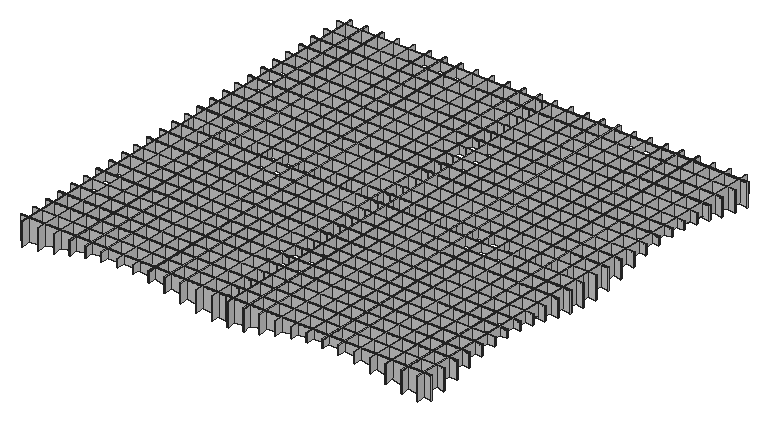
Revit family "CLD-WFL-002_RFA", category Modelos genéricos, Revit 2022 (continued)
Forms (in)
  Extrusion 336, solid
    sketch origin (112.26411, 108, 0) x (0, -1, 0) y (0, 0, 1)
      loop
        spline (78.69078, 5.03049) -> (79.42214, 4.88265) -> (80.15338, 4.73345) -> (80.88454, 4.58309) -> (81.6157, 4.43177) -> (82.3469, 4.27969) -> (83.07823, 4.12703) -> (83.80973, 3.97401) -> (84.54148, 3.82083) -> (85.27354, 3.66767) -> (86.00597, 3.51473) -> (86.73884, 3.36223) -> (87.47222, 3.21035)
        spline (87.47222, 3.21035) -> (88.12098, 3.07725) -> (88.77034, 2.94516) -> (89.42035, 2.81427) -> (90.07106, 2.68474) -> (90.72253, 2.55674) -> (91.37482, 2.43044) -> (92.02798, 2.30602) -> (92.68208, 2.18365) -> (93.33715, 2.0635) -> (93.99327, 1.94575) -> (94.65048, 1.83055) -> (95.30878, 1.71798)
        spline (95.30878, 1.71798) -> (96.03651, 1.59857) -> (96.76522, 1.48186) -> (97.49484, 1.36779) -> (98.2253, 1.25631) -> (98.95653, 1.14734) -> (99.68844, 1.04084) -> (100.42096, 0.93675) -> (101.15403, 0.83501) -> (101.88757, 0.73557) -> (102.62149, 0.63835) -> (103.35573, 0.54331) -> (104.09022, 0.45039)
        spline (104.09022, 0.45039) -> (104.41609, 0.41056) -> (104.74197, 0.37118) -> (105.06787, 0.33222) -> (105.39376, 0.29369) -> (105.71965, 0.25557) -> (106.04553, 0.21788) -> (106.37138, 0.18058) -> (106.6972, 0.14369) -> (107.02298, 0.10719) -> (107.34871, 0.07108) -> (107.67439, 0.03535) -> (108, 0)
        line (108, 0) -> (108, 11.82144)
    from -0.11811 to 0.35433
  Extrusion 337, solid
    sketch origin (120.10067, 108, 0) x (0, -1, 0) y (0, 0, 1)
      loop
        line (108, 11.82144) -> (0, 11.82144) -> (0, 0.88375)
        spline (0, 0.88375) -> (0.32561, 0.94348) -> (0.65129, 1.00296) -> (0.97702, 1.06219) -> (1.3028, 1.12116) -> (1.62862, 1.1799) -> (1.95447, 1.23838) -> (2.28035, 1.29662) -> (2.60624, 1.35462) -> (2.93213, 1.41237) -> (3.25803, 1.46988) -> (3.58391, 1.52715) -> (3.90978, 1.58418)
        spline (3.90978, 1.58418) -> (4.64426, 1.71122) -> (5.37851, 1.8372) -> (6.11243, 1.96212) -> (6.84596, 2.086) -> (7.57903, 2.20885) -> (8.31155, 2.33067) -> (9.04347, 2.45149) -> (9.77469, 2.57131) -> (10.50515, 2.69014) -> (11.23478, 2.80798) -> (11.96349, 2.92486) -> (12.69122, 3.04079)
        spline (12.69122, 3.04079) -> (13.34952, 3.14441) -> (14.00673, 3.24717) -> (14.66285, 3.34906) -> (15.31792, 3.45005) -> (15.97202, 3.55011) -> (16.62518, 3.64921) -> (17.27747, 3.74732) -> (17.92894, 3.8444) -> (18.57965, 3.94043) -> (19.22966, 4.03537) -> (19.87902, 4.12919) -> (20.52778, 4.22187)
        spline (20.52778, 4.22187) -> (21.26116, 4.32437) -> (21.99403, 4.42546) -> (22.72646, 4.52511) -> (23.45852, 4.62328) -> (24.19027, 4.71993) -> (24.92177, 4.81503) -> (25.6531, 4.90854) -> (26.3843, 5.00042) -> (27.11545, 5.09065) -> (27.84662, 5.17918) -> (28.57786, 5.26598) -> (29.30922, 5.35101)
        spline (29.30922, 5.35101) -> (29.95995, 5.42391) -> (30.61094, 5.49516) -> (31.26223, 5.56472) -> (31.91387, 5.63257) -> (32.56591, 5.69867) -> (33.21841, 5.763) -> (33.87141, 5.82551) -> (34.52497, 5.88618) -> (35.17914, 5.94498) -> (35.83396, 6.00187) -> (36.48949, 6.05683) -> (37.14578, 6.10982)
        spline (37.14578, 6.10982) -> (37.87194, 6.16453) -> (38.59907, 6.21702) -> (39.32723, 6.26723) -> (40.05647, 6.31514) -> (40.78684, 6.36072) -> (41.51831, 6.40397) -> (42.25083, 6.44489) -> (42.98434, 6.4835) -> (43.71879, 6.51981) -> (44.45413, 6.55383) -> (45.19029, 6.58557) -> (45.92722, 6.61503)
        spline (45.92722, 6.61503) -> (46.57816, 6.6376) -> (47.22964, 6.65822) -> (47.88162, 6.67689) -> (48.53404, 6.69363) -> (49.18687, 6.70845) -> (49.84004, 6.72134) -> (50.49352, 6.73234) -> (51.14725, 6.74143) -> (51.80119, 6.74863) -> (52.45529, 6.75396) -> (53.1095, 6.75742) -> (53.76378, 6.75901)
        spline (53.76378, 6.75901) -> (54.49695, 6.7572) -> (55.23004, 6.75331) -> (55.96301, 6.74732) -> (56.6958, 6.73922) -> (57.42835, 6.72901) -> (58.16062, 6.71667) -> (58.89255, 6.7022) -> (59.62408, 6.68557) -> (60.35517, 6.66679) -> (61.08576, 6.64585) -> (61.81579, 6.62272) -> (62.54522, 6.59741)
        spline (62.54522, 6.59741) -> (63.20286, 6.57112) -> (63.85981, 6.54281) -> (64.51602, 6.51247) -> (65.17144, 6.48008) -> (65.82603, 6.44563) -> (66.47973, 6.40912) -> (67.1325, 6.37054) -> (67.78428, 6.32988) -> (68.43505, 6.28713) -> (69.08486, 6.24233) -> (69.73376, 6.19551) -> (70.38178, 6.14669)
        spline (70.38178, 6.14669) -> (71.1172, 6.08737) -> (71.85177, 6.02584) -> (72.58554, 5.96214) -> (73.31858, 5.89631) -> (74.05094, 5.82838) -> (74.78268, 5.75838) -> (75.51386, 5.68636) -> (76.24452, 5.61234) -> (76.97473, 5.53637) -> (77.70455, 5.45847) -> (78.43403, 5.37869) -> (79.16322, 5.29705)
        spline (79.16322, 5.29705) -> (79.81589, 5.22111) -> (80.46845, 5.14359) -> (81.12094, 5.06452) -> (81.77342, 4.98394) -> (82.42595, 4.90188) -> (83.07858, 4.81837) -> (83.73137, 4.73344) -> (84.38439, 4.64713) -> (85.03768, 4.55947) -> (85.6913, 4.47048) -> (86.34531, 4.3802) -> (86.99978, 4.28866)
        spline (86.99978, 4.28866) -> (87.72677, 4.18488) -> (88.45442, 4.07981) -> (89.1828, 3.97349) -> (89.91197, 3.86595) -> (90.64199, 3.75723) -> (91.37293, 3.64737) -> (92.10485, 3.53639) -> (92.8378, 3.42433) -> (93.57186, 3.31123) -> (94.30709, 3.19712) -> (95.04354, 3.08203) -> (95.78122, 2.96599)
        spline (95.78122, 2.96599) -> (96.4698, 2.85601) -> (97.15931, 2.74512) -> (97.84968, 2.63332) -> (98.54085, 2.52058) -> (99.23273, 2.40692) -> (99.92527, 2.2923) -> (100.61838, 2.17673) -> (101.31201, 2.06019) -> (102.00608, 1.94268) -> (102.70052, 1.82418) -> (103.39525, 1.70469) -> (104.09022, 1.58418)
        spline (104.09022, 1.58418) -> (104.41609, 1.52715) -> (104.74197, 1.46988) -> (105.06787, 1.41237) -> (105.39376, 1.35462) -> (105.71965, 1.29662) -> (106.04553, 1.23838) -> (106.37138, 1.1799) -> (106.6972, 1.12116) -> (107.02298, 1.06219) -> (107.34871, 1.00296) -> (107.67439, 0.94348) -> (108, 0.88375)
        line (108, 0.88375) -> (108, 11.82144)
    from -0.11811 to 0
  Extrusion 338, solid
    sketch origin (120.57311, 108, 0) x (0, -1, 0) y (0, 0, 1)
      loop
        line (108, 11.82144) -> (0, 11.82144) -> (0, 0.88375)
        spline (0, 0.88375) -> (0.32561, 0.94348) -> (0.65129, 1.00296) -> (0.97702, 1.06219) -> (1.3028, 1.12116) -> (1.62862, 1.1799) -> (1.95447, 1.23838) -> (2.28035, 1.29662) -> (2.60624, 1.35462) -> (2.93213, 1.41237) -> (3.25803, 1.46988) -> (3.58391, 1.52715) -> (3.90978, 1.58418)
        spline (3.90978, 1.58418) -> (4.64426, 1.71122) -> (5.37851, 1.8372) -> (6.11243, 1.96212) -> (6.84596, 2.086) -> (7.57903, 2.20885) -> (8.31155, 2.33067) -> (9.04347, 2.45149) -> (9.77469, 2.57131) -> (10.50515, 2.69014) -> (11.23478, 2.80798) -> (11.96349, 2.92486) -> (12.69122, 3.04079)
        spline (12.69122, 3.04079) -> (13.34952, 3.14441) -> (14.00673, 3.24717) -> (14.66285, 3.34906) -> (15.31792, 3.45005) -> (15.97202, 3.55011) -> (16.62518, 3.64921) -> (17.27747, 3.74732) -> (17.92894, 3.8444) -> (18.57965, 3.94043) -> (19.22966, 4.03537) -> (19.87902, 4.12919) -> (20.52778, 4.22187)
        spline (20.52778, 4.22187) -> (21.26116, 4.32437) -> (21.99403, 4.42546) -> (22.72646, 4.52511) -> (23.45852, 4.62328) -> (24.19027, 4.71993) -> (24.92177, 4.81503) -> (25.6531, 4.90854) -> (26.3843, 5.00042) -> (27.11545, 5.09065) -> (27.84662, 5.17918) -> (28.57786, 5.26598) -> (29.30922, 5.35101)
        spline (29.30922, 5.35101) -> (29.95995, 5.42391) -> (30.61094, 5.49516) -> (31.26223, 5.56472) -> (31.91387, 5.63257) -> (32.56591, 5.69867) -> (33.21841, 5.763) -> (33.87141, 5.82551) -> (34.52497, 5.88618) -> (35.17914, 5.94498) -> (35.83396, 6.00187) -> (36.48949, 6.05683) -> (37.14578, 6.10982)
        spline (37.14578, 6.10982) -> (37.87194, 6.16453) -> (38.59907, 6.21702) -> (39.32723, 6.26723) -> (40.05647, 6.31514) -> (40.78684, 6.36072) -> (41.51831, 6.40397) -> (42.25083, 6.44489) -> (42.98434, 6.4835) -> (43.71879, 6.51981) -> (44.45413, 6.55383) -> (45.19029, 6.58557) -> (45.92722, 6.61503)
        spline (45.92722, 6.61503) -> (46.57816, 6.6376) -> (47.22964, 6.65822) -> (47.88162, 6.67689) -> (48.53404, 6.69363) -> (49.18687, 6.70845) -> (49.84004, 6.72134) -> (50.49352, 6.73234) -> (51.14725, 6.74143) -> (51.80119, 6.74863) -> (52.45529, 6.75396) -> (53.1095, 6.75742) -> (53.76378, 6.75901)
        spline (53.76378, 6.75901) -> (54.49695, 6.7572) -> (55.23004, 6.75331) -> (55.96301, 6.74732) -> (56.6958, 6.73922) -> (57.42835, 6.72901) -> (58.16062, 6.71667) -> (58.89255, 6.7022) -> (59.62408, 6.68557) -> (60.35517, 6.66679) -> (61.08576, 6.64585) -> (61.81579, 6.62272) -> (62.54522, 6.59741)
        spline (62.54522, 6.59741) -> (63.20286, 6.57112) -> (63.85981, 6.54281) -> (64.51602, 6.51247) -> (65.17144, 6.48008) -> (65.82603, 6.44563) -> (66.47973, 6.40912) -> (67.1325, 6.37054) -> (67.78428, 6.32988) -> (68.43505, 6.28713) -> (69.08486, 6.24233) -> (69.73376, 6.19551) -> (70.38178, 6.14669)
        spline (70.38178, 6.14669) -> (71.1172, 6.08737) -> (71.85177, 6.02584) -> (72.58554, 5.96214) -> (73.31858, 5.89631) -> (74.05094, 5.82838) -> (74.78268, 5.75838) -> (75.51386, 5.68636) -> (76.24452, 5.61234) -> (76.97473, 5.53637) -> (77.70455, 5.45847) -> (78.43403, 5.37869) -> (79.16322, 5.29705)
        spline (79.16322, 5.29705) -> (79.81589, 5.22111) -> (80.46845, 5.14359) -> (81.12094, 5.06452) -> (81.77342, 4.98394) -> (82.42595, 4.90188) -> (83.07858, 4.81837) -> (83.73137, 4.73344) -> (84.38439, 4.64713) -> (85.03768, 4.55947) -> (85.6913, 4.47048) -> (86.34531, 4.3802) -> (86.99978, 4.28866)
        spline (86.99978, 4.28866) -> (87.72677, 4.18488) -> (88.45442, 4.07981) -> (89.1828, 3.97349) -> (89.91197, 3.86595) -> (90.64199, 3.75723) -> (91.37293, 3.64737) -> (92.10485, 3.53639) -> (92.8378, 3.42433) -> (93.57186, 3.31123) -> (94.30709, 3.19712) -> (95.04354, 3.08203) -> (95.78122, 2.96599)
        spline (95.78122, 2.96599) -> (96.4698, 2.85601) -> (97.15931, 2.74512) -> (97.84968, 2.63332) -> (98.54085, 2.52058) -> (99.23273, 2.40692) -> (99.92527, 2.2923) -> (100.61838, 2.17673) -> (101.31201, 2.06019) -> (102.00608, 1.94268) -> (102.70052, 1.82418) -> (103.39525, 1.70469) -> (104.09022, 1.58418)
        spline (104.09022, 1.58418) -> (104.41609, 1.52715) -> (104.74197, 1.46988) -> (105.06787, 1.41237) -> (105.39376, 1.35462) -> (105.71965, 1.29662) -> (106.04553, 1.23838) -> (106.37138, 1.1799) -> (106.6972, 1.12116) -> (107.02298, 1.06219) -> (107.34871, 1.00296) -> (107.67439, 0.94348) -> (108, 0.88375)
        line (108, 0.88375) -> (108, 11.82144)
    from -0.11811 to 0.35433
  Extrusion 339, solid
    sketch origin (128.40967, 108, 0) x (0, -1, 0) y (0, 0, 1)
      loop
        line (108, 11.82144) -> (0, 11.82144) -> (0, 2.55729)
        spline (0, 2.55729) -> (0.32561, 2.61504) -> (0.65129, 2.67215) -> (0.97702, 2.72862) -> (1.3028, 2.78445) -> (1.62862, 2.83963) -> (1.95447, 2.89415) -> (2.28035, 2.94802) -> (2.60624, 3.00123) -> (2.93213, 3.05379) -> (3.25803, 3.10567) -> (3.58391, 3.15689) -> (3.90978, 3.20744)
        spline (3.90978, 3.20744) -> (4.64427, 3.31686) -> (5.37851, 3.42317) -> (6.11243, 3.52634) -> (6.84596, 3.62635) -> (7.57903, 3.72316) -> (8.31156, 3.81675) -> (9.04347, 3.90709) -> (9.77469, 3.99415) -> (10.50515, 4.07789) -> (11.23478, 4.1583) -> (11.96349, 4.23534) -> (12.69122, 4.30898)
        spline (12.69122, 4.30898) -> (13.34952, 4.37039) -> (14.00673, 4.4286) -> (14.66285, 4.48364) -> (15.31792, 4.53559) -> (15.97202, 4.58455) -> (16.62518, 4.63059) -> (17.27747, 4.67381) -> (17.92894, 4.71429) -> (18.57965, 4.75212) -> (19.22966, 4.78738) -> (19.87902, 4.82016) -> (20.52778, 4.85054)
        spline (20.52778, 4.85054) -> (21.26115, 4.88062) -> (21.99402, 4.90823) -> (22.72646, 4.93347) -> (23.45851, 4.95644) -> (24.19026, 4.97724) -> (24.92176, 4.99598) -> (25.65309, 5.01275) -> (26.38429, 5.02764) -> (27.11545, 5.04077) -> (27.84661, 5.05223) -> (28.57785, 5.06211) -> (29.30922, 5.07053)
        spline (29.30922, 5.07053) -> (29.95995, 5.07584) -> (30.61094, 5.08009) -> (31.26223, 5.08336) -> (31.91387, 5.08574) -> (32.56591, 5.08733) -> (33.21841, 5.0882) -> (33.87141, 5.08846) -> (34.52497, 5.08817) -> (35.17914, 5.08744) -> (35.83396, 5.08636) -> (36.48949, 5.085) -> (37.14578, 5.08346)
        spline (37.14578, 5.08346) -> (37.87194, 5.08165) -> (38.59907, 5.0799) -> (39.32723, 5.0783) -> (40.05647, 5.07696) -> (40.78684, 5.07594) -> (41.51831, 5.07527) -> (42.25083, 5.07491) -> (42.98434, 5.07483) -> (43.7188, 5.075) -> (44.45413, 5.07538) -> (45.19029, 5.07596) -> (45.92722, 5.0767)
        spline (45.92722, 5.0767) -> (46.57816, 5.07753) -> (47.22964, 5.07843) -> (47.88162, 5.07937) -> (48.53404, 5.08033) -> (49.18687, 5.08128) -> (49.84004, 5.0822) -> (50.49352, 5.08306) -> (51.14725, 5.08383) -> (51.80119, 5.0845) -> (52.45529, 5.08503) -> (53.1095, 5.0854) -> (53.76378, 5.08558)
        spline (53.76378, 5.08558) -> (54.49695, 5.08542) -> (55.23004, 5.08505) -> (55.96301, 5.0845) -> (56.6958, 5.0838) -> (57.42835, 5.08298) -> (58.16062, 5.08206) -> (58.89255, 5.08107) -> (59.62408, 5.08005) -> (60.35517, 5.07902) -> (61.08576, 5.07801) -> (61.81579, 5.07705) -> (62.54522, 5.07616)
        spline (62.54522, 5.07616) -> (63.20286, 5.07551) -> (63.85981, 5.075) -> (64.51602, 5.07466) -> (65.17144, 5.07452) -> (65.82603, 5.0746) -> (66.47973, 5.07493) -> (67.1325, 5.07554) -> (67.78428, 5.07645) -> (68.43505, 5.07766) -> (69.08486, 5.07909) -> (69.73376, 5.08066) -> (70.38178, 5.08229)
        spline (70.38178, 5.08229) -> (71.1172, 5.08386) -> (71.85177, 5.08523) -> (72.58555, 5.08629) -> (73.31859, 5.08695) -> (74.05095, 5.08712) -> (74.78269, 5.08668) -> (75.51386, 5.08555) -> (76.24453, 5.08362) -> (76.97474, 5.08079) -> (77.70455, 5.07697) -> (78.43403, 5.07206) -> (79.16322, 5.06596)
        spline (79.16322, 5.06596) -> (79.81589, 5.05858) -> (80.46845, 5.04989) -> (81.12094, 5.0398) -> (81.77342, 5.02821) -> (82.42595, 5.01505) -> (83.07858, 5.00022) -> (83.73137, 4.98363) -> (84.38439, 4.9652) -> (85.03768, 4.94483) -> (85.6913, 4.92244) -> (86.34531, 4.89793) -> (86.99978, 4.87123)
        spline (86.99978, 4.87123) -> (87.72677, 4.83707) -> (88.45442, 4.80022) -> (89.18281, 4.7606) -> (89.91198, 4.7181) -> (90.642, 4.67263) -> (91.37294, 4.62408) -> (92.10486, 4.57237) -> (92.83781, 4.5174) -> (93.57187, 4.45907) -> (94.3071, 4.39728) -> (95.04355, 4.33194) -> (95.78122, 4.26301)
        spline (95.78122, 4.26301) -> (96.43065, 4.19725) -> (97.08095, 4.12847) -> (97.73207, 4.05667) -> (98.38393, 3.9819) -> (99.03648, 3.90417) -> (99.68963, 3.82352) -> (100.34334, 3.73996) -> (100.99753, 3.65352) -> (101.65213, 3.56424) -> (102.30709, 3.47213) -> (102.96233, 3.37722) -> (103.61778, 3.27954)
        spline (103.61778, 3.27954) -> (103.98302, 3.22342) -> (104.34828, 3.16655) -> (104.71355, 3.10893) -> (105.07882, 3.05057) -> (105.44409, 2.99146) -> (105.80934, 2.93162) -> (106.17456, 2.87105) -> (106.53976, 2.80974) -> (106.9049, 2.74771) -> (107.27, 2.68496) -> (107.63504, 2.62148) -> (108, 2.55729)
        line (108, 2.55729) -> (108, 11.82144)
    from -0.11811 to 0
  Extrusion 340, solid
    sketch origin (128.52778, 108, 0) x (0, -1, 0) y (0, 0, 1)
      loop
        line (108, 11.82144) -> (0, 11.82144) -> (0, 2.55729)
        spline (0, 2.55729) -> (0.32561, 2.61504) -> (0.65129, 2.67215) -> (0.97702, 2.72862) -> (1.3028, 2.78445) -> (1.62862, 2.83963) -> (1.95447, 2.89415) -> (2.28035, 2.94802) -> (2.60624, 3.00123) -> (2.93213, 3.05379) -> (3.25803, 3.10567) -> (3.58391, 3.15689) -> (3.90978, 3.20744)
        spline (3.90978, 3.20744) -> (4.64427, 3.31686) -> (5.37851, 3.42317) -> (6.11243, 3.52634) -> (6.84596, 3.62635) -> (7.57903, 3.72316) -> (8.31156, 3.81675) -> (9.04347, 3.90709) -> (9.77469, 3.99415) -> (10.50515, 4.07789) -> (11.23478, 4.1583) -> (11.96349, 4.23534) -> (12.69122, 4.30898)
        spline (12.69122, 4.30898) -> (13.34952, 4.37039) -> (14.00673, 4.4286) -> (14.66285, 4.48364) -> (15.31792, 4.53559) -> (15.97202, 4.58455) -> (16.62518, 4.63059) -> (17.27747, 4.67381) -> (17.92894, 4.71429) -> (18.57965, 4.75212) -> (19.22966, 4.78738) -> (19.87902, 4.82016) -> (20.52778, 4.85054)
        spline (20.52778, 4.85054) -> (21.26115, 4.88062) -> (21.99402, 4.90823) -> (22.72646, 4.93347) -> (23.45851, 4.95644) -> (24.19026, 4.97724) -> (24.92176, 4.99598) -> (25.65309, 5.01275) -> (26.38429, 5.02764) -> (27.11545, 5.04077) -> (27.84661, 5.05223) -> (28.57785, 5.06211) -> (29.30922, 5.07053)
        spline (29.30922, 5.07053) -> (29.95995, 5.07584) -> (30.61094, 5.08009) -> (31.26223, 5.08336) -> (31.91387, 5.08574) -> (32.56591, 5.08733) -> (33.21841, 5.0882) -> (33.87141, 5.08846) -> (34.52497, 5.08817) -> (35.17914, 5.08744) -> (35.83396, 5.08636) -> (36.48949, 5.085) -> (37.14578, 5.08346)
        spline (37.14578, 5.08346) -> (37.87194, 5.08165) -> (38.59907, 5.0799) -> (39.32723, 5.0783) -> (40.05647, 5.07696) -> (40.78684, 5.07594) -> (41.51831, 5.07527) -> (42.25083, 5.07491) -> (42.98434, 5.07483) -> (43.7188, 5.075) -> (44.45413, 5.07538) -> (45.19029, 5.07596) -> (45.92722, 5.0767)
        spline (45.92722, 5.0767) -> (46.57816, 5.07753) -> (47.22964, 5.07843) -> (47.88162, 5.07937) -> (48.53404, 5.08033) -> (49.18687, 5.08128) -> (49.84004, 5.0822) -> (50.49352, 5.08306) -> (51.14725, 5.08383) -> (51.80119, 5.0845) -> (52.45529, 5.08503) -> (53.1095, 5.0854) -> (53.76378, 5.08558)
        spline (53.76378, 5.08558) -> (54.49695, 5.08542) -> (55.23004, 5.08505) -> (55.96301, 5.0845) -> (56.6958, 5.0838) -> (57.42835, 5.08298) -> (58.16062, 5.08206) -> (58.89255, 5.08107) -> (59.62408, 5.08005) -> (60.35517, 5.07902) -> (61.08576, 5.07801) -> (61.81579, 5.07705) -> (62.54522, 5.07616)
        spline (62.54522, 5.07616) -> (63.20286, 5.07551) -> (63.85981, 5.075) -> (64.51602, 5.07466) -> (65.17144, 5.07452) -> (65.82603, 5.0746) -> (66.47973, 5.07493) -> (67.1325, 5.07554) -> (67.78428, 5.07645) -> (68.43505, 5.07766) -> (69.08486, 5.07909) -> (69.73376, 5.08066) -> (70.38178, 5.08229)
        spline (70.38178, 5.08229) -> (71.1172, 5.08386) -> (71.85177, 5.08523) -> (72.58555, 5.08629) -> (73.31859, 5.08695) -> (74.05095, 5.08712) -> (74.78269, 5.08668) -> (75.51386, 5.08555) -> (76.24453, 5.08362) -> (76.97474, 5.08079) -> (77.70455, 5.07697) -> (78.43403, 5.07206) -> (79.16322, 5.06596)
        spline (79.16322, 5.06596) -> (79.81589, 5.05858) -> (80.46845, 5.04989) -> (81.12094, 5.0398) -> (81.77342, 5.02821) -> (82.42595, 5.01505) -> (83.07858, 5.00022) -> (83.73137, 4.98363) -> (84.38439, 4.9652) -> (85.03768, 4.94483) -> (85.6913, 4.92244) -> (86.34531, 4.89793) -> (86.99978, 4.87123)
        spline (86.99978, 4.87123) -> (87.72677, 4.83707) -> (88.45442, 4.80022) -> (89.18281, 4.7606) -> (89.91198, 4.7181) -> (90.642, 4.67263) -> (91.37294, 4.62408) -> (92.10486, 4.57237) -> (92.83781, 4.5174) -> (93.57187, 4.45907) -> (94.3071, 4.39728) -> (95.04355, 4.33194) -> (95.78122, 4.26301)
        spline (95.78122, 4.26301) -> (96.43065, 4.19725) -> (97.08095, 4.12847) -> (97.73207, 4.05667) -> (98.38393, 3.9819) -> (99.03648, 3.90417) -> (99.68963, 3.82352) -> (100.34334, 3.73996) -> (100.99753, 3.65352) -> (101.65213, 3.56424) -> (102.30709, 3.47213) -> (102.96233, 3.37722) -> (103.61778, 3.27954)
        spline (103.61778, 3.27954) -> (103.98302, 3.22342) -> (104.34828, 3.16655) -> (104.71355, 3.10893) -> (105.07882, 3.05057) -> (105.44409, 2.99146) -> (105.80934, 2.93162) -> (106.17456, 2.87105) -> (106.53976, 2.80974) -> (106.9049, 2.74771) -> (107.27, 2.68496) -> (107.63504, 2.62148) -> (108, 2.55729)
        line (108, 2.55729) -> (108, 11.82144)
    from -0.47244 to 0
  Extrusion 341, solid
    sketch origin (136.71867, 108, 0) x (0, -1, 0) y (0, 0, 1)
      loop
        line (108, 11.82144) -> (0, 11.82144) -> (0, 4.58891)
        spline (0, 4.58891) -> (0.32561, 4.62796) -> (0.65129, 4.66617) -> (0.97702, 4.70353) -> (1.3028, 4.74004) -> (1.62862, 4.77569) -> (1.95447, 4.81048) -> (2.28035, 4.84439) -> (2.60624, 4.87743) -> (2.93213, 4.90957) -> (3.25803, 4.94083) -> (3.58391, 4.97119) -> (3.90978, 5.00064)
        spline (3.90978, 5.00064) -> (4.64427, 5.06081) -> (5.37851, 5.11675) -> (6.11244, 5.16838) -> (6.84597, 5.21566) -> (7.57904, 5.25851) -> (8.31157, 5.29688) -> (9.04348, 5.33072) -> (9.7747, 5.35995) -> (10.50516, 5.38452) -> (11.23478, 5.40437) -> (11.96349, 5.41944) -> (12.69122, 5.42966)
        spline (12.69122, 5.42966) -> (13.34952, 5.43128) -> (14.00673, 5.42829) -> (14.66285, 5.42076) -> (15.31792, 5.40886) -> (15.97202, 5.39278) -> (16.62518, 5.37269) -> (17.27747, 5.34877) -> (17.92894, 5.32119) -> (18.57965, 5.29014) -> (19.22966, 5.2558) -> (19.87902, 5.21833) -> (20.52778, 5.17793)
        spline (20.52778, 5.17793) -> (21.26115, 5.12722) -> (21.99402, 5.0737) -> (22.72645, 5.01759) -> (23.45851, 4.95908) -> (24.19025, 4.89838) -> (24.92176, 4.8357) -> (25.65308, 4.77124) -> (26.38429, 4.70521) -> (27.11544, 4.63782) -> (27.84661, 4.56926) -> (28.57785, 4.49975) -> (29.30922, 4.42949)
        spline (29.30922, 4.42949) -> (29.95995, 4.366) -> (30.61094, 4.30234) -> (31.26223, 4.2387) -> (31.91387, 4.17525) -> (32.56591, 4.11218) -> (33.21841, 4.04966) -> (33.87141, 3.98789) -> (34.52497, 3.92703) -> (35.17914, 3.86728) -> (35.83396, 3.80881) -> (36.48949, 3.75181) -> (37.14578, 3.69645)
        spline (37.14578, 3.69645) -> (37.87194, 3.63892) -> (38.59907, 3.58371) -> (39.32723, 3.53102) -> (40.05647, 3.48105) -> (40.78684, 3.43397) -> (41.51831, 3.38979) -> (42.25083, 3.34845) -> (42.98434, 3.30989) -> (43.7188, 3.27405) -> (44.45413, 3.24086) -> (45.19029, 3.21027) -> (45.92722, 3.18221)
        spline (45.92722, 3.18221) -> (46.57816, 3.16116) -> (47.22964, 3.14217) -> (47.88162, 3.12519) -> (48.53404, 3.11017) -> (49.18687, 3.09705) -> (49.84004, 3.08579) -> (50.49352, 3.07632) -> (51.14725, 3.06859) -> (51.80119, 3.06255) -> (52.45529, 3.05816) -> (53.1095, 3.05535) -> (53.76378, 3.05407)
        spline (53.76378, 3.05407) -> (54.49695, 3.0556) -> (55.23004, 3.05885) -> (55.96301, 3.06387) -> (56.6958, 3.07073) -> (57.42836, 3.07948) -> (58.16062, 3.09019) -> (58.89255, 3.10292) -> (59.62409, 3.11771) -> (60.35517, 3.13464) -> (61.08576, 3.15376) -> (61.81579, 3.17514) -> (62.54522, 3.19882)
        spline (62.54522, 3.19882) -> (63.20286, 3.22386) -> (63.85981, 3.25117) -> (64.51602, 3.28078) -> (65.17144, 3.31277) -> (65.82603, 3.34719) -> (66.47973, 3.38408) -> (67.1325, 3.42351) -> (67.78428, 3.46553) -> (68.43505, 3.51013) -> (69.08486, 3.55715) -> (69.73376, 3.60642) -> (70.38178, 3.65777)
        spline (70.38178, 3.65777) -> (71.1172, 3.71948) -> (71.85176, 3.78304) -> (72.58554, 3.84824) -> (73.31858, 3.91488) -> (74.05094, 3.98275) -> (74.78268, 4.05166) -> (75.51385, 4.12139) -> (76.24452, 4.19176) -> (76.97473, 4.26254) -> (77.70455, 4.33354) -> (78.43403, 4.40456) -> (79.16322, 4.47539)
        spline (79.16322, 4.47539) -> (79.80403, 4.53723) -> (80.44473, 4.59841) -> (81.08536, 4.65876) -> (81.72599, 4.7181) -> (82.36666, 4.77623) -> (83.00743, 4.83299) -> (83.64836, 4.88819) -> (84.28951, 4.94166) -> (84.93093, 4.9932) -> (85.57267, 5.04265) -> (86.21481, 5.08982) -> (86.85738, 5.13453)
        spline (86.85738, 5.13453) -> (87.59614, 5.18092) -> (88.33559, 5.22395) -> (89.07577, 5.26344) -> (89.81676, 5.29917) -> (90.55862, 5.33094) -> (91.30141, 5.35856) -> (92.04519, 5.38181) -> (92.79004, 5.4005) -> (93.53601, 5.41442) -> (94.28316, 5.42338) -> (95.03157, 5.42716) -> (95.78122, 5.4257)
        spline (95.78122, 5.4257) -> (96.43065, 5.41648) -> (97.08095, 5.40294) -> (97.73207, 5.38513) -> (98.38393, 5.36311) -> (99.03648, 5.33693) -> (99.68963, 5.30665) -> (100.34334, 5.27231) -> (100.99753, 5.23398) -> (101.65213, 5.19169) -> (102.30709, 5.14552) -> (102.96233, 5.09551) -> (103.61778, 5.04172)
        spline (103.61778, 5.04172) -> (103.98301, 5.00943) -> (104.34827, 4.97613) -> (104.71354, 4.94182) -> (105.07881, 4.90651) -> (105.44407, 4.8702) -> (105.80932, 4.83291) -> (106.17455, 4.79465) -> (106.53974, 4.75541) -> (106.90489, 4.71521) -> (107.26999, 4.67406) -> (107.63503, 4.63196) -> (108, 4.58891)
        line (108, 4.58891) -> (108, 11.82144)
    from -0.11811 to 0
  Extrusion 342, solid
    sketch origin (136.83678, 108, 0) x (0, -1, 0) y (0, 0, 1)
      loop
        line (108, 11.82144) -> (0, 11.82144) -> (0, 4.58891)
        spline (0, 4.58891) -> (0.32561, 4.62796) -> (0.65129, 4.66617) -> (0.97702, 4.70353) -> (1.3028, 4.74004) -> (1.62862, 4.77569) -> (1.95447, 4.81048) -> (2.28035, 4.84439) -> (2.60624, 4.87743) -> (2.93213, 4.90957) -> (3.25803, 4.94083) -> (3.58391, 4.97119) -> (3.90978, 5.00064)
        spline (3.90978, 5.00064) -> (4.64427, 5.06081) -> (5.37851, 5.11675) -> (6.11244, 5.16838) -> (6.84597, 5.21566) -> (7.57904, 5.25851) -> (8.31157, 5.29688) -> (9.04348, 5.33072) -> (9.7747, 5.35995) -> (10.50516, 5.38452) -> (11.23478, 5.40437) -> (11.96349, 5.41944) -> (12.69122, 5.42966)
        spline (12.69122, 5.42966) -> (13.34952, 5.43128) -> (14.00673, 5.42829) -> (14.66285, 5.42076) -> (15.31792, 5.40886) -> (15.97202, 5.39278) -> (16.62518, 5.37269) -> (17.27747, 5.34877) -> (17.92894, 5.32119) -> (18.57965, 5.29014) -> (19.22966, 5.2558) -> (19.87902, 5.21833) -> (20.52778, 5.17793)
        spline (20.52778, 5.17793) -> (21.26115, 5.12722) -> (21.99402, 5.0737) -> (22.72645, 5.01759) -> (23.45851, 4.95908) -> (24.19025, 4.89838) -> (24.92176, 4.8357) -> (25.65308, 4.77124) -> (26.38429, 4.70521) -> (27.11544, 4.63782) -> (27.84661, 4.56926) -> (28.57785, 4.49975) -> (29.30922, 4.42949)
        spline (29.30922, 4.42949) -> (29.95995, 4.366) -> (30.61094, 4.30234) -> (31.26223, 4.2387) -> (31.91387, 4.17525) -> (32.56591, 4.11218) -> (33.21841, 4.04966) -> (33.87141, 3.98789) -> (34.52497, 3.92703) -> (35.17914, 3.86728) -> (35.83396, 3.80881) -> (36.48949, 3.75181) -> (37.14578, 3.69645)
        spline (37.14578, 3.69645) -> (37.87194, 3.63892) -> (38.59907, 3.58371) -> (39.32723, 3.53102) -> (40.05647, 3.48105) -> (40.78684, 3.43397) -> (41.51831, 3.38979) -> (42.25083, 3.34845) -> (42.98434, 3.30989) -> (43.7188, 3.27405) -> (44.45413, 3.24086) -> (45.19029, 3.21027) -> (45.92722, 3.18221)
        spline (45.92722, 3.18221) -> (46.57816, 3.16116) -> (47.22964, 3.14217) -> (47.88162, 3.12519) -> (48.53404, 3.11017) -> (49.18687, 3.09705) -> (49.84004, 3.08579) -> (50.49352, 3.07632) -> (51.14725, 3.06859) -> (51.80119, 3.06255) -> (52.45529, 3.05816) -> (53.1095, 3.05535) -> (53.76378, 3.05407)
        spline (53.76378, 3.05407) -> (54.49695, 3.0556) -> (55.23004, 3.05885) -> (55.96301, 3.06387) -> (56.6958, 3.07073) -> (57.42836, 3.07948) -> (58.16062, 3.09019) -> (58.89255, 3.10292) -> (59.62409, 3.11771) -> (60.35517, 3.13464) -> (61.08576, 3.15376) -> (61.81579, 3.17514) -> (62.54522, 3.19882)
        spline (62.54522, 3.19882) -> (63.20286, 3.22386) -> (63.85981, 3.25117) -> (64.51602, 3.28078) -> (65.17144, 3.31277) -> (65.82603, 3.34719) -> (66.47973, 3.38408) -> (67.1325, 3.42351) -> (67.78428, 3.46553) -> (68.43505, 3.51013) -> (69.08486, 3.55715) -> (69.73376, 3.60642) -> (70.38178, 3.65777)
        spline (70.38178, 3.65777) -> (71.1172, 3.71948) -> (71.85176, 3.78304) -> (72.58554, 3.84824) -> (73.31858, 3.91488) -> (74.05094, 3.98275) -> (74.78268, 4.05166) -> (75.51385, 4.12139) -> (76.24452, 4.19176) -> (76.97473, 4.26254) -> (77.70455, 4.33354) -> (78.43403, 4.40456) -> (79.16322, 4.47539)
        spline (79.16322, 4.47539) -> (79.80403, 4.53723) -> (80.44473, 4.59841) -> (81.08536, 4.65876) -> (81.72599, 4.7181) -> (82.36666, 4.77623) -> (83.00743, 4.83299) -> (83.64836, 4.88819) -> (84.28951, 4.94166) -> (84.93093, 4.9932) -> (85.57267, 5.04265) -> (86.21481, 5.08982) -> (86.85738, 5.13453)
        spline (86.85738, 5.13453) -> (87.59614, 5.18092) -> (88.33559, 5.22395) -> (89.07577, 5.26344) -> (89.81676, 5.29917) -> (90.55862, 5.33094) -> (91.30141, 5.35856) -> (92.04519, 5.38181) -> (92.79004, 5.4005) -> (93.53601, 5.41442) -> (94.28316, 5.42338) -> (95.03157, 5.42716) -> (95.78122, 5.4257)
        spline (95.78122, 5.4257) -> (96.43065, 5.41648) -> (97.08095, 5.40294) -> (97.73207, 5.38513) -> (98.38393, 5.36311) -> (99.03648, 5.33693) -> (99.68963, 5.30665) -> (100.34334, 5.27231) -> (100.99753, 5.23398) -> (101.65213, 5.19169) -> (102.30709, 5.14552) -> (102.96233, 5.09551) -> (103.61778, 5.04172)
        spline (103.61778, 5.04172) -> (103.98301, 5.00943) -> (104.34827, 4.97613) -> (104.71354, 4.94182) -> (105.07881, 4.90651) -> (105.44407, 4.8702) -> (105.80932, 4.83291) -> (106.17455, 4.79465) -> (106.53974, 4.75541) -> (106.90489, 4.71521) -> (107.26999, 4.67406) -> (107.63503, 4.63196) -> (108, 4.58891)
        line (108, 4.58891) -> (108, 11.82144)
    from -0.47244 to 0
  Extrusion 343, solid
    sketch origin (145.02767, 108, 0) x (0, -1, 0) y (0, 0, 1)
      loop
        line (108, 11.82144) -> (0, 11.82144) -> (0, 6.40455)
        spline (0, 6.40455) -> (0.32561, 6.42139) -> (0.65129, 6.43729) -> (0.97702, 6.45226) -> (1.3028, 6.46628) -> (1.62862, 6.47935) -> (1.95447, 6.49146) -> (2.28035, 6.50259) -> (2.60624, 6.51274) -> (2.93213, 6.52189) -> (3.25803, 6.53005) -> (3.58391, 6.5372) -> (3.90978, 6.54334)
        spline (3.90978, 6.54334) -> (4.64427, 6.55011) -> (5.37852, 6.55208) -> (6.11244, 6.54917) -> (6.84598, 6.5413) -> (7.57905, 6.52839) -> (8.31157, 6.51035) -> (9.04349, 6.4871) -> (9.77471, 6.45856) -> (10.50517, 6.42465) -> (11.23479, 6.38528) -> (11.9635, 6.34038) -> (12.69122, 6.28985)
        spline (12.69122, 6.28985) -> (13.34952, 6.23514) -> (14.00673, 6.17505) -> (14.66285, 6.10968) -> (15.31792, 6.03926) -> (15.97202, 5.96405) -> (16.62518, 5.88427) -> (17.27747, 5.80017) -> (17.92894, 5.712) -> (18.57965, 5.62) -> (19.22966, 5.52441) -> (19.87902, 5.42547) -> (20.52778, 5.32343)
        spline (20.52778, 5.32343) -> (21.26115, 5.20293) -> (21.99402, 5.07965) -> (22.72645, 4.95385) -> (23.4585, 4.82583) -> (24.19025, 4.69586) -> (24.92176, 4.56423) -> (25.65308, 4.43121) -> (26.38429, 4.29709) -> (27.11544, 4.16214) -> (27.84661, 4.02665) -> (28.57785, 3.8909) -> (29.30922, 3.75516)
        spline (29.30922, 3.75516) -> (29.95995, 3.63466) -> (30.61094, 3.51485) -> (31.26223, 3.39599) -> (31.91387, 3.2783) -> (32.56591, 3.16206) -> (33.21841, 3.04749) -> (33.87141, 2.93486) -> (34.52497, 2.8244) -> (35.17914, 2.71637) -> (35.83396, 2.61101) -> (36.48949, 2.50857) -> (37.14578, 2.4093)
        spline (37.14578, 2.4093) -> (37.87194, 2.30632) -> (38.59907, 2.20751) -> (39.32723, 2.11315) -> (40.05647, 2.02349) -> (40.78684, 1.93878) -> (41.51831, 1.85902) -> (42.25083, 1.78415) -> (42.98434, 1.71406) -> (43.71879, 1.64869) -> (44.45413, 1.58794) -> (45.19029, 1.53174) -> (45.92722, 1.47999)
        spline (45.92722, 1.47999) -> (46.57816, 1.44092) -> (47.22964, 1.40553) -> (47.88162, 1.37376) -> (48.53404, 1.34552) -> (49.18687, 1.32076) -> (49.84004, 1.2994) -> (50.49352, 1.28136) -> (51.14725, 1.26658) -> (51.80119, 1.25497) -> (52.45529, 1.24648) -> (53.1095, 1.24101) -> (53.76378, 1.23852)
        spline (53.76378, 1.23852) -> (54.49695, 1.24145) -> (55.23005, 1.2477) -> (55.96302, 1.25736) -> (56.69581, 1.2705) -> (57.42836, 1.2872) -> (58.16063, 1.30755) -> (58.89256, 1.33163) -> (59.62409, 1.35951) -> (60.35518, 1.39128) -> (61.08577, 1.42702) -> (61.8158, 1.46681) -> (62.54522, 1.51073)
        spline (62.54522, 1.51073) -> (63.20286, 1.5569) -> (63.85981, 1.60706) -> (64.51602, 1.66127) -> (65.17144, 1.7196) -> (65.82603, 1.78214) -> (66.47973, 1.84896) -> (67.1325, 1.92013) -> (67.78428, 1.99572) -> (68.43505, 2.07573) -> (69.08486, 2.15994) -> (69.73376, 2.24811) -> (70.38178, 2.34001)
        spline (70.38178, 2.34001) -> (71.11719, 2.45082) -> (71.85175, 2.56518) -> (72.58552, 2.6828) -> (73.31856, 2.80343) -> (74.05092, 2.92677) -> (74.78266, 3.05256) -> (75.51384, 3.1805) -> (76.2445, 3.31033) -> (76.97472, 3.44177) -> (77.70454, 3.57454) -> (78.43402, 3.70836) -> (79.16322, 3.84296)
        spline (79.16322, 3.84296) -> (79.81589, 3.96449) -> (80.46845, 4.08604) -> (81.12094, 4.20735) -> (81.77342, 4.32817) -> (82.42595, 4.44826) -> (83.07858, 4.56736) -> (83.73137, 4.68523) -> (84.38439, 4.80161) -> (85.03768, 4.91625) -> (85.6913, 5.02891) -> (86.34531, 5.13933) -> (86.99978, 5.24726)
        spline (86.99978, 5.24726) -> (87.72678, 5.36123) -> (88.45444, 5.47173) -> (89.18283, 5.57848) -> (89.91201, 5.68121) -> (90.64203, 5.77964) -> (91.37298, 5.87351) -> (92.10489, 5.96254) -> (92.83785, 6.04646) -> (93.5719, 6.125) -> (94.30712, 6.19789) -> (95.04356, 6.26486) -> (95.78122, 6.32579)
        spline (95.78122, 6.32579) -> (96.46987, 6.37175) -> (97.15943, 6.41238) -> (97.84985, 6.44778) -> (98.54104, 6.47801) -> (99.23294, 6.50316) -> (99.92548, 6.5233) -> (100.61859, 6.53851) -> (101.3122, 6.54886) -> (102.00624, 6.55445) -> (102.70063, 6.55534) -> (103.39532, 6.55161) -> (104.09022, 6.54334)
        spline (104.09022, 6.54334) -> (104.41609, 6.5372) -> (104.74197, 6.53005) -> (105.06787, 6.52189) -> (105.39376, 6.51274) -> (105.71965, 6.50259) -> (106.04553, 6.49146) -> (106.37138, 6.47935) -> (106.6972, 6.46628) -> (107.02298, 6.45226) -> (107.34871, 6.43729) -> (107.67439, 6.42139) -> (108, 6.40455)
        line (108, 6.40455) -> (108, 11.82144)
    from -0.11811 to 0
  Extrusion 344, solid
    sketch origin (145.14578, 108, 0) x (0, -1, 0) y (0, 0, 1)
      loop
        line (108, 11.82144) -> (0, 11.82144) -> (0, 6.40455)
        spline (0, 6.40455) -> (0.32561, 6.42139) -> (0.65129, 6.43729) -> (0.97702, 6.45226) -> (1.3028, 6.46628) -> (1.62862, 6.47935) -> (1.95447, 6.49146) -> (2.28035, 6.50259) -> (2.60624, 6.51274) -> (2.93213, 6.52189) -> (3.25803, 6.53005) -> (3.58391, 6.5372) -> (3.90978, 6.54334)
        spline (3.90978, 6.54334) -> (4.64427, 6.55011) -> (5.37852, 6.55208) -> (6.11244, 6.54917) -> (6.84598, 6.5413) -> (7.57905, 6.52839) -> (8.31157, 6.51035) -> (9.04349, 6.4871) -> (9.77471, 6.45856) -> (10.50517, 6.42465) -> (11.23479, 6.38528) -> (11.9635, 6.34038) -> (12.69122, 6.28985)
        spline (12.69122, 6.28985) -> (13.34952, 6.23514) -> (14.00673, 6.17505) -> (14.66285, 6.10968) -> (15.31792, 6.03926) -> (15.97202, 5.96405) -> (16.62518, 5.88427) -> (17.27747, 5.80017) -> (17.92894, 5.712) -> (18.57965, 5.62) -> (19.22966, 5.52441) -> (19.87902, 5.42547) -> (20.52778, 5.32343)
        spline (20.52778, 5.32343) -> (21.26115, 5.20293) -> (21.99402, 5.07965) -> (22.72645, 4.95385) -> (23.4585, 4.82583) -> (24.19025, 4.69586) -> (24.92176, 4.56423) -> (25.65308, 4.43121) -> (26.38429, 4.29709) -> (27.11544, 4.16214) -> (27.84661, 4.02665) -> (28.57785, 3.8909) -> (29.30922, 3.75516)
        spline (29.30922, 3.75516) -> (29.95995, 3.63466) -> (30.61094, 3.51485) -> (31.26223, 3.39599) -> (31.91387, 3.2783) -> (32.56591, 3.16206) -> (33.21841, 3.04749) -> (33.87141, 2.93486) -> (34.52497, 2.8244) -> (35.17914, 2.71637) -> (35.83396, 2.61101) -> (36.48949, 2.50857) -> (37.14578, 2.4093)
        spline (37.14578, 2.4093) -> (37.87194, 2.30632) -> (38.59907, 2.20751) -> (39.32723, 2.11315) -> (40.05647, 2.02349) -> (40.78684, 1.93878) -> (41.51831, 1.85902) -> (42.25083, 1.78415) -> (42.98434, 1.71406) -> (43.71879, 1.64869) -> (44.45413, 1.58794) -> (45.19029, 1.53174) -> (45.92722, 1.47999)
        spline (45.92722, 1.47999) -> (46.57816, 1.44092) -> (47.22964, 1.40553) -> (47.88162, 1.37376) -> (48.53404, 1.34552) -> (49.18687, 1.32076) -> (49.84004, 1.2994) -> (50.49352, 1.28136) -> (51.14725, 1.26658) -> (51.80119, 1.25497) -> (52.45529, 1.24648) -> (53.1095, 1.24101) -> (53.76378, 1.23852)
        spline (53.76378, 1.23852) -> (54.49695, 1.24145) -> (55.23005, 1.2477) -> (55.96302, 1.25736) -> (56.69581, 1.2705) -> (57.42836, 1.2872) -> (58.16063, 1.30755) -> (58.89256, 1.33163) -> (59.62409, 1.35951) -> (60.35518, 1.39128) -> (61.08577, 1.42702) -> (61.8158, 1.46681) -> (62.54522, 1.51073)
        spline (62.54522, 1.51073) -> (63.20286, 1.5569) -> (63.85981, 1.60706) -> (64.51602, 1.66127) -> (65.17144, 1.7196) -> (65.82603, 1.78214) -> (66.47973, 1.84896) -> (67.1325, 1.92013) -> (67.78428, 1.99572) -> (68.43505, 2.07573) -> (69.08486, 2.15994) -> (69.73376, 2.24811) -> (70.38178, 2.34001)
        spline (70.38178, 2.34001) -> (71.11719, 2.45082) -> (71.85175, 2.56518) -> (72.58552, 2.6828) -> (73.31856, 2.80343) -> (74.05092, 2.92677) -> (74.78266, 3.05256) -> (75.51384, 3.1805) -> (76.2445, 3.31033) -> (76.97472, 3.44177) -> (77.70454, 3.57454) -> (78.43402, 3.70836) -> (79.16322, 3.84296)
        spline (79.16322, 3.84296) -> (79.81589, 3.96449) -> (80.46845, 4.08604) -> (81.12094, 4.20735) -> (81.77342, 4.32817) -> (82.42595, 4.44826) -> (83.07858, 4.56736) -> (83.73137, 4.68523) -> (84.38439, 4.80161) -> (85.03768, 4.91625) -> (85.6913, 5.02891) -> (86.34531, 5.13933) -> (86.99978, 5.24726)
        spline (86.99978, 5.24726) -> (87.72678, 5.36123) -> (88.45444, 5.47173) -> (89.18283, 5.57848) -> (89.91201, 5.68121) -> (90.64203, 5.77964) -> (91.37298, 5.87351) -> (92.10489, 5.96254) -> (92.83785, 6.04646) -> (93.5719, 6.125) -> (94.30712, 6.19789) -> (95.04356, 6.26486) -> (95.78122, 6.32579)
        spline (95.78122, 6.32579) -> (96.46987, 6.37175) -> (97.15943, 6.41238) -> (97.84985, 6.44778) -> (98.54104, 6.47801) -> (99.23294, 6.50316) -> (99.92548, 6.5233) -> (100.61859, 6.53851) -> (101.3122, 6.54886) -> (102.00624, 6.55445) -> (102.70063, 6.55534) -> (103.39532, 6.55161) -> (104.09022, 6.54334)
        spline (104.09022, 6.54334) -> (104.41609, 6.5372) -> (104.74197, 6.53005) -> (105.06787, 6.52189) -> (105.39376, 6.51274) -> (105.71965, 6.50259) -> (106.04553, 6.49146) -> (106.37138, 6.47935) -> (106.6972, 6.46628) -> (107.02298, 6.45226) -> (107.34871, 6.43729) -> (107.67439, 6.42139) -> (108, 6.40455)
        line (108, 6.40455) -> (108, 11.82144)
    from -0.47244 to 0
  Extrusion 345, solid
    sketch origin (153.33667, 108, 0) x (0, -1, 0) y (0, 0, 1)
      loop
        line (108, 11.82144) -> (0, 11.82144) -> (0, 7.49745)
        spline (0, 7.49745) -> (0.32561, 7.50061) -> (0.65129, 7.5028) -> (0.97702, 7.504) -> (1.3028, 7.50421) -> (1.62862, 7.5034) -> (1.95447, 7.50158) -> (2.28035, 7.49874) -> (2.60624, 7.49485) -> (2.93213, 7.48991) -> (3.25803, 7.48392) -> (3.58391, 7.47685) -> (3.90978, 7.46871)
        spline (3.90978, 7.46871) -> (4.64427, 7.44283) -> (5.37852, 7.41184) -> (6.11245, 7.37564) -> (6.84598, 7.33415) -> (7.57905, 7.28726) -> (8.31158, 7.23488) -> (9.04349, 7.17692) -> (9.77471, 7.11327) -> (10.50517, 7.04386) -> (11.23479, 6.96857) -> (11.9635, 6.88732) -> (12.69122, 6.80001)
        spline (12.69122, 6.80001) -> (13.34456, 6.71191) -> (13.99682, 6.61804) -> (14.64799, 6.5185) -> (15.29813, 6.41358) -> (15.94729, 6.30354) -> (16.59553, 6.18867) -> (17.2429, 6.06925) -> (17.88946, 5.94556) -> (18.53527, 5.81787) -> (19.18038, 5.68647) -> (19.82484, 5.55162) -> (20.46871, 5.41362)
        spline (20.46871, 5.41362) -> (21.20701, 5.25043) -> (21.94481, 5.08446) -> (22.68216, 4.91603) -> (23.41914, 4.74548) -> (24.15581, 4.57314) -> (24.89224, 4.39932) -> (25.62848, 4.22436) -> (26.36461, 4.04857) -> (27.10068, 3.8723) -> (27.83677, 3.69586) -> (28.57293, 3.51959) -> (29.30922, 3.3438)
        spline (29.30922, 3.3438) -> (29.95995, 3.18922) -> (30.61094, 3.03586) -> (31.26223, 2.884) -> (31.91387, 2.73392) -> (32.56591, 2.58591) -> (33.21841, 2.44027) -> (33.87141, 2.29726) -> (34.52497, 2.15719) -> (35.17914, 2.02034) -> (35.83396, 1.88699) -> (36.48949, 1.75744) -> (37.14578, 1.63196)
        spline (37.14578, 1.63196) -> (37.87194, 1.50186) -> (38.59907, 1.37703) -> (39.32723, 1.25779) -> (40.05647, 1.14445) -> (40.78684, 1.03728) -> (41.51831, 0.93629) -> (42.25083, 0.84139) -> (42.98434, 0.75249) -> (43.71879, 0.66948) -> (44.45413, 0.59228) -> (45.19029, 0.52078) -> (45.92722, 0.45488)
        spline (45.92722, 0.45488) -> (46.57816, 0.40504) -> (47.22964, 0.35985) -> (47.88162, 0.31924) -> (48.53404, 0.28312) -> (49.18687, 0.2514) -> (49.84004, 0.224) -> (50.49352, 0.20084) -> (51.14725, 0.18183) -> (51.80119, 0.1669) -> (52.45529, 0.15595) -> (53.1095, 0.14891) -> (53.76378, 0.14568)
        spline (53.76378, 0.14568) -> (54.49695, 0.14945) -> (55.23005, 0.1575) -> (55.96302, 0.16993) -> (56.69581, 0.18682) -> (57.42837, 0.20828) -> (58.16064, 0.23439) -> (58.89257, 0.26525) -> (59.6241, 0.30095) -> (60.35518, 0.34158) -> (61.08577, 0.38725) -> (61.8158, 0.43804) -> (62.54522, 0.49405)
        spline (62.54522, 0.49405) -> (63.20286, 0.55285) -> (63.85981, 0.61666) -> (64.51602, 0.68555) -> (65.17144, 0.75961) -> (65.82603, 0.83894) -> (66.47973, 0.92362) -> (67.1325, 1.01374) -> (67.78428, 1.10938) -> (68.43505, 1.21052) -> (69.08486, 1.31692) -> (69.73376, 1.42831) -> (70.38178, 1.54441)
        spline (70.38178, 1.54441) -> (71.11719, 1.68452) -> (71.85174, 1.82919) -> (72.58551, 1.97812) -> (73.31855, 2.13097) -> (74.05091, 2.28743) -> (74.78265, 2.44718) -> (75.51383, 2.60988) -> (76.24449, 2.77524) -> (76.97471, 2.94291) -> (77.70453, 3.11258) -> (78.43402, 3.28394) -> (79.16322, 3.45665)
        spline (79.16322, 3.45665) -> (79.81589, 3.61318) -> (80.46845, 3.77015) -> (81.12094, 3.92726) -> (81.77342, 4.08422) -> (82.42595, 4.24075) -> (83.07858, 4.39655) -> (83.73137, 4.55134) -> (84.38439, 4.70482) -> (85.03768, 4.85671) -> (85.6913, 5.00672) -> (86.34531, 5.15455) -> (86.99978, 5.29992)
        spline (86.99978, 5.29992) -> (87.72678, 5.4553) -> (88.45445, 5.60712) -> (89.18284, 5.75506) -> (89.91202, 5.8988) -> (90.64204, 6.03803) -> (91.37299, 6.17243) -> (92.1049, 6.3017) -> (92.83786, 6.42551) -> (93.57191, 6.54354) -> (94.30712, 6.6555) -> (95.04356, 6.76106) -> (95.78122, 6.8601)
        spline (95.78122, 6.8601) -> (96.43065, 6.93786) -> (97.08095, 7.01021) -> (97.73207, 7.07724) -> (98.38393, 7.13903) -> (99.03648, 7.19567) -> (99.68963, 7.24723) -> (100.34334, 7.29382) -> (100.99753, 7.33551) -> (101.65213, 7.37238) -> (102.30709, 7.40452) -> (102.96233, 7.43202) -> (103.61778, 7.45496)
        spline (103.61778, 7.45496) -> (103.98301, 7.46494) -> (104.34826, 7.47372) -> (104.71353, 7.4813) -> (105.0788, 7.48768) -> (105.44406, 7.4929) -> (105.80931, 7.49695) -> (106.17454, 7.49984) -> (106.53973, 7.5016) -> (106.90488, 7.50223) -> (107.26998, 7.50173) -> (107.63503, 7.50014) -> (108, 7.49745)
        line (108, 7.49745) -> (108, 11.82144)
    from -0.11811 to 0
  Extrusion 346, solid
    sketch origin (153.45478, 108, 0) x (0, -1, 0) y (0, 0, 1)
      loop
        line (108, 11.82144) -> (0, 11.82144) -> (0, 7.49745)
        spline (0, 7.49745) -> (0.32561, 7.50061) -> (0.65129, 7.5028) -> (0.97702, 7.504) -> (1.3028, 7.50421) -> (1.62862, 7.5034) -> (1.95447, 7.50158) -> (2.28035, 7.49874) -> (2.60624, 7.49485) -> (2.93213, 7.48991) -> (3.25803, 7.48392) -> (3.58391, 7.47685) -> (3.90978, 7.46871)
        spline (3.90978, 7.46871) -> (4.64427, 7.44283) -> (5.37852, 7.41184) -> (6.11245, 7.37564) -> (6.84598, 7.33415) -> (7.57905, 7.28726) -> (8.31158, 7.23488) -> (9.04349, 7.17692) -> (9.77471, 7.11327) -> (10.50517, 7.04386) -> (11.23479, 6.96857) -> (11.9635, 6.88732) -> (12.69122, 6.80001)
        spline (12.69122, 6.80001) -> (13.34456, 6.71191) -> (13.99682, 6.61804) -> (14.64799, 6.5185) -> (15.29813, 6.41358) -> (15.94729, 6.30354) -> (16.59553, 6.18867) -> (17.2429, 6.06925) -> (17.88946, 5.94556) -> (18.53527, 5.81787) -> (19.18038, 5.68647) -> (19.82484, 5.55162) -> (20.46871, 5.41362)
        spline (20.46871, 5.41362) -> (21.20701, 5.25043) -> (21.94481, 5.08446) -> (22.68216, 4.91603) -> (23.41914, 4.74548) -> (24.15581, 4.57314) -> (24.89224, 4.39932) -> (25.62848, 4.22436) -> (26.36461, 4.04857) -> (27.10068, 3.8723) -> (27.83677, 3.69586) -> (28.57293, 3.51959) -> (29.30922, 3.3438)
        spline (29.30922, 3.3438) -> (29.95995, 3.18922) -> (30.61094, 3.03586) -> (31.26223, 2.884) -> (31.91387, 2.73392) -> (32.56591, 2.58591) -> (33.21841, 2.44027) -> (33.87141, 2.29726) -> (34.52497, 2.15719) -> (35.17914, 2.02034) -> (35.83396, 1.88699) -> (36.48949, 1.75744) -> (37.14578, 1.63196)
        spline (37.14578, 1.63196) -> (37.87194, 1.50186) -> (38.59907, 1.37703) -> (39.32723, 1.25779) -> (40.05647, 1.14445) -> (40.78684, 1.03728) -> (41.51831, 0.93629) -> (42.25083, 0.84139) -> (42.98434, 0.75249) -> (43.71879, 0.66948) -> (44.45413, 0.59228) -> (45.19029, 0.52078) -> (45.92722, 0.45488)
        spline (45.92722, 0.45488) -> (46.57816, 0.40504) -> (47.22964, 0.35985) -> (47.88162, 0.31924) -> (48.53404, 0.28312) -> (49.18687, 0.2514) -> (49.84004, 0.224) -> (50.49352, 0.20084) -> (51.14725, 0.18183) -> (51.80119, 0.1669) -> (52.45529, 0.15595) -> (53.1095, 0.14891) -> (53.76378, 0.14568)
        spline (53.76378, 0.14568) -> (54.49695, 0.14945) -> (55.23005, 0.1575) -> (55.96302, 0.16993) -> (56.69581, 0.18682) -> (57.42837, 0.20828) -> (58.16064, 0.23439) -> (58.89257, 0.26525) -> (59.6241, 0.30095) -> (60.35518, 0.34158) -> (61.08577, 0.38725) -> (61.8158, 0.43804) -> (62.54522, 0.49405)
        spline (62.54522, 0.49405) -> (63.20286, 0.55285) -> (63.85981, 0.61666) -> (64.51602, 0.68555) -> (65.17144, 0.75961) -> (65.82603, 0.83894) -> (66.47973, 0.92362) -> (67.1325, 1.01374) -> (67.78428, 1.10938) -> (68.43505, 1.21052) -> (69.08486, 1.31692) -> (69.73376, 1.42831) -> (70.38178, 1.54441)
        spline (70.38178, 1.54441) -> (71.11719, 1.68452) -> (71.85174, 1.82919) -> (72.58551, 1.97812) -> (73.31855, 2.13097) -> (74.05091, 2.28743) -> (74.78265, 2.44718) -> (75.51383, 2.60988) -> (76.24449, 2.77524) -> (76.97471, 2.94291) -> (77.70453, 3.11258) -> (78.43402, 3.28394) -> (79.16322, 3.45665)
        spline (79.16322, 3.45665) -> (79.81589, 3.61318) -> (80.46845, 3.77015) -> (81.12094, 3.92726) -> (81.77342, 4.08422) -> (82.42595, 4.24075) -> (83.07858, 4.39655) -> (83.73137, 4.55134) -> (84.38439, 4.70482) -> (85.03768, 4.85671) -> (85.6913, 5.00672) -> (86.34531, 5.15455) -> (86.99978, 5.29992)
        spline (86.99978, 5.29992) -> (87.72678, 5.4553) -> (88.45445, 5.60712) -> (89.18284, 5.75506) -> (89.91202, 5.8988) -> (90.64204, 6.03803) -> (91.37299, 6.17243) -> (92.1049, 6.3017) -> (92.83786, 6.42551) -> (93.57191, 6.54354) -> (94.30712, 6.6555) -> (95.04356, 6.76106) -> (95.78122, 6.8601)
        spline (95.78122, 6.8601) -> (96.43065, 6.93786) -> (97.08095, 7.01021) -> (97.73207, 7.07724) -> (98.38393, 7.13903) -> (99.03648, 7.19567) -> (99.68963, 7.24723) -> (100.34334, 7.29382) -> (100.99753, 7.33551) -> (101.65213, 7.37238) -> (102.30709, 7.40452) -> (102.96233, 7.43202) -> (103.61778, 7.45496)
        spline (103.61778, 7.45496) -> (103.98301, 7.46494) -> (104.34826, 7.47372) -> (104.71353, 7.4813) -> (105.0788, 7.48768) -> (105.44406, 7.4929) -> (105.80931, 7.49695) -> (106.17454, 7.49984) -> (106.53973, 7.5016) -> (106.90488, 7.50223) -> (107.26998, 7.50173) -> (107.63503, 7.50014) -> (108, 7.49745)
        line (108, 7.49745) -> (108, 11.82144)
    from -0.47244 to 0
  Extrusion 347, solid
    sketch origin (161.64567, 108, 0) x (0, -1, 0) y (0, 0, 1)
      loop
        line (108, 11.82144) -> (0, 11.82144) -> (0, 7.82144)
        spline (0, 7.82144) -> (0.32561, 7.82095) -> (0.65129, 7.81946) -> (0.97702, 7.81696) -> (1.3028, 7.81344) -> (1.62862, 7.80889) -> (1.95447, 7.8033) -> (2.28035, 7.79666) -> (2.60624, 7.78896) -> (2.93213, 7.78018) -> (3.25803, 7.77032) -> (3.58391, 7.75937) -> (3.90978, 7.74731)
        spline (3.90978, 7.74731) -> (4.64427, 7.71242) -> (5.37852, 7.6723) -> (6.11245, 7.62684) -> (6.84598, 7.57595) -> (7.57905, 7.51952) -> (8.31158, 7.45747) -> (9.04349, 7.38968) -> (9.77471, 7.31607) -> (10.50517, 7.23653) -> (11.23479, 7.15095) -> (11.9635, 7.05926) -> (12.69122, 6.96133)
        spline (12.69122, 6.96133) -> (13.34952, 6.86267) -> (14.00673, 6.75803) -> (14.66285, 6.64752) -> (15.31792, 6.53144) -> (15.97202, 6.41007) -> (16.62518, 6.28371) -> (17.27747, 6.15266) -> (17.92894, 6.0172) -> (18.57965, 5.87763) -> (19.22966, 5.73424) -> (19.87902, 5.58733) -> (20.52778, 5.43719)
        spline (20.52778, 5.43719) -> (21.26115, 5.26223) -> (21.99402, 5.08449) -> (22.72645, 4.90432) -> (23.4585, 4.72204) -> (24.19025, 4.53802) -> (24.92176, 4.35257) -> (25.65308, 4.16604) -> (26.38429, 3.97878) -> (27.11545, 3.79111) -> (27.84661, 3.60337) -> (28.57785, 3.41592) -> (29.30922, 3.22908)
        spline (29.30922, 3.22908) -> (29.95995, 3.06408) -> (30.61094, 2.90045) -> (31.26223, 2.73848) -> (31.91387, 2.57847) -> (32.56591, 2.42072) -> (33.21841, 2.26553) -> (33.87141, 2.1132) -> (34.52497, 1.96402) -> (35.17914, 1.81831) -> (35.83396, 1.67635) -> (36.48949, 1.53845) -> (37.14578, 1.4049)
        spline (37.14578, 1.4049) -> (37.87194, 1.26645) -> (38.59907, 1.13361) -> (39.32723, 1.00672) -> (40.05647, 0.88609) -> (40.78684, 0.772) -> (41.51831, 0.66448) -> (42.25083, 0.56343) -> (42.98434, 0.46874) -> (43.71879, 0.38032) -> (44.45413, 0.29806) -> (45.19029, 0.22187) -> (45.92722, 0.15163)
        spline (45.92722, 0.15163) -> (46.57816, 0.09849) -> (47.22964, 0.0503) -> (47.88162, 0.00698) -> (48.53404, -0.03156) -> (49.18687, -0.06541) -> (49.84004, -0.09465) -> (50.49352, -0.11938) -> (51.14725, -0.13967) -> (51.80119, -0.15563) -> (52.45529, -0.16732) -> (53.1095, -0.17485) -> (53.76378, -0.1783)
        spline (53.76378, -0.1783) -> (54.49695, -0.17427) -> (55.23005, -0.16567) -> (55.96302, -0.1524) -> (56.69581, -0.13436) -> (57.42837, -0.11145) -> (58.16064, -0.08358) -> (58.89257, -0.05065) -> (59.6241, -0.01255) -> (60.35519, 0.0308) -> (61.08577, 0.07951) -> (61.8158, 0.13367) -> (62.54522, 0.19339)
        spline (62.54522, 0.19339) -> (63.20286, 0.25606) -> (63.85981, 0.32405) -> (64.51602, 0.39745) -> (65.17144, 0.47635) -> (65.82603, 0.56084) -> (66.47973, 0.65101) -> (67.1325, 0.74696) -> (67.78428, 0.84876) -> (68.43505, 0.95641) -> (69.08486, 1.06964) -> (69.73376, 1.18818) -> (70.38178, 1.31173)
        spline (70.38178, 1.31173) -> (71.11718, 1.46086) -> (71.85174, 1.61486) -> (72.58551, 1.77342) -> (73.31855, 1.93618) -> (74.05091, 2.10281) -> (74.78265, 2.27299) -> (75.51382, 2.44637) -> (76.24449, 2.62262) -> (76.97471, 2.8014) -> (77.70453, 2.98238) -> (78.43402, 3.16522) -> (79.16322, 3.34958)
        spline (79.16322, 3.34958) -> (79.81589, 3.5168) -> (80.46845, 3.68457) -> (81.12094, 3.85259) -> (81.77342, 4.02055) -> (82.42595, 4.18815) -> (83.07858, 4.35509) -> (83.73137, 4.52107) -> (84.38439, 4.68578) -> (85.03768, 4.84892) -> (85.6913, 5.01019) -> (86.34531, 5.16929) -> (86.99978, 5.32592)
        spline (86.99978, 5.32592) -> (87.72678, 5.49371) -> (88.45445, 5.65788) -> (89.18284, 5.8181) -> (89.91202, 5.97405) -> (90.64205, 6.12539) -> (91.37299, 6.27179) -> (92.10491, 6.41294) -> (92.83786, 6.54849) -> (93.57191, 6.67812) -> (94.30713, 6.8015) -> (95.04356, 6.9183) -> (95.78122, 7.02841)
        spline (95.78122, 7.02841) -> (96.43065, 7.11563) -> (97.08095, 7.1973) -> (97.73207, 7.2735) -> (98.38393, 7.34432) -> (99.03648, 7.40985) -> (99.68963, 7.47018) -> (100.34334, 7.52539) -> (100.99753, 7.57558) -> (101.65213, 7.62083) -> (102.30709, 7.66123) -> (102.96233, 7.69687) -> (103.61778, 7.72784)
        spline (103.61778, 7.72784) -> (103.98301, 7.74223) -> (104.34826, 7.75539) -> (104.71352, 7.76731) -> (105.07879, 7.77803) -> (105.44406, 7.78753) -> (105.80931, 7.79585) -> (106.17453, 7.80299) -> (106.53973, 7.80897) -> (106.90488, 7.81379) -> (107.26998, 7.81746) -> (107.63503, 7.82001) -> (108, 7.82144)
        line (108, 7.82144) -> (108, 11.82144)
    from -0.11811 to 0
  Extrusion 348, solid
    sketch origin (161.76378, 108, 0) x (0, -1, 0) y (0, 0, 1)
      loop
        line (108, 11.82144) -> (0, 11.82144) -> (0, 7.82144)
        spline (0, 7.82144) -> (0.32561, 7.82095) -> (0.65129, 7.81946) -> (0.97702, 7.81696) -> (1.3028, 7.81344) -> (1.62862, 7.80889) -> (1.95447, 7.8033) -> (2.28035, 7.79666) -> (2.60624, 7.78896) -> (2.93213, 7.78018) -> (3.25803, 7.77032) -> (3.58391, 7.75937) -> (3.90978, 7.74731)
        spline (3.90978, 7.74731) -> (4.64427, 7.71242) -> (5.37852, 7.6723) -> (6.11245, 7.62684) -> (6.84598, 7.57595) -> (7.57905, 7.51952) -> (8.31158, 7.45747) -> (9.04349, 7.38968) -> (9.77471, 7.31607) -> (10.50517, 7.23653) -> (11.23479, 7.15095) -> (11.9635, 7.05926) -> (12.69122, 6.96133)
        spline (12.69122, 6.96133) -> (13.34952, 6.86267) -> (14.00673, 6.75803) -> (14.66285, 6.64752) -> (15.31792, 6.53144) -> (15.97202, 6.41007) -> (16.62518, 6.28371) -> (17.27747, 6.15266) -> (17.92894, 6.0172) -> (18.57965, 5.87763) -> (19.22966, 5.73424) -> (19.87902, 5.58733) -> (20.52778, 5.43719)
        spline (20.52778, 5.43719) -> (21.26115, 5.26223) -> (21.99402, 5.08449) -> (22.72645, 4.90432) -> (23.4585, 4.72204) -> (24.19025, 4.53802) -> (24.92176, 4.35257) -> (25.65308, 4.16604) -> (26.38429, 3.97878) -> (27.11545, 3.79111) -> (27.84661, 3.60337) -> (28.57785, 3.41592) -> (29.30922, 3.22908)
